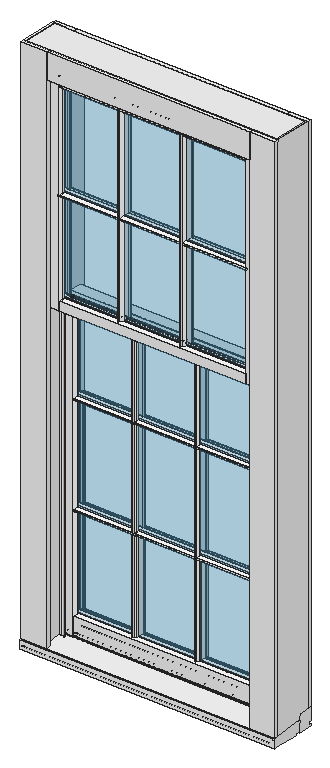
Revit family "B1-69", category Generic Models, Revit 2012 (continued)
Forms (mm)
  Extrusion 84, solid, material "White" <- "Floor Material"
    sketch origin (-86.465, 775.395, 707.96) x (-1, 0, 0) y (0, -1, 0)
      loop
        line (-196.365, 777.429) -> (-196.365, 778.733) -> (-201.693, 778.733) -> (-201.693, 777.429) -> (-200.433, 777.429) -> (-197.323, 777.429) -> (-196.365, 777.429)
    from 618 to 977.04
  Extrusion 85, solid, material "White" <- "Floor Material"
    sketch origin (-86.465, 775.395, 682.96) x (-1, 0, 0) y (0, -1, 0)
      loop
        line (-201.578, 772.766) -> (-195.897, 772.766)
        spline (-195.897, 772.766) -> (-196.288, 773.028) -> (-196.546, 773.345) -> (-196.701, 773.707) -> (-196.782, 774.104) -> (-196.817, 774.528) -> (-196.837, 774.968) -> (-196.871, 775.416) -> (-196.947, 775.861) -> (-197.095, 776.295) -> (-197.343, 776.707) -> (-197.722, 777.088) -> (-198.261, 777.429)
        line (-198.261, 777.429) -> (-199.495, 777.429)
        spline (-199.495, 777.429) -> (-200.004, 777.07) -> (-200.356, 776.68) -> (-200.579, 776.266) -> (-200.702, 775.836) -> (-200.755, 775.398) -> (-200.766, 774.96) -> (-200.765, 774.529) -> (-200.779, 774.114) -> (-200.839, 773.722) -> (-200.973, 773.362) -> (-201.21, 773.041) -> (-201.578, 772.766)
    from 643 to 1002.04
  Extrusion 86, solid, material "White" <- "Floor Material"
    sketch origin (-85.541, 770.224, 707.96) x (-1, 0, 0) y (0, -1, 0)
      loop
        line (-201.463, 771.474) -> (-199.969, 771.474) -> (-199.969, 772.26) -> (-200.769, 772.26) -> (-200.769, 773.563) -> (-195.441, 773.563) -> (-195.441, 772.26) -> (-196.241, 772.26) -> (-196.241, 771.474) -> (-194.463, 771.474) -> (-194.463, 774.474) -> (-196.777, 774.474) -> (-196.777, 778.474) -> (-199.213, 778.474) -> (-199.213, 774.474) -> (-201.463, 774.474) -> (-201.463, 771.474)
    from 618 to 1336.04
  Extrusion 87, solid, material "White" <- "Floor Material"
    sketch origin (-84.582, -643.152, 0) x (-1, 0, 0) y (0, -1, 0)
      loop
        line (-288.504, -795.902) -> (-206.504, -795.902) -> (-206.504, -780.902) -> (-288.504, -780.902) -> (-288.504, -795.902)
    from 68 to 2144
  Extrusion 88, solid, material "White" <- "Floor Material"
    sketch origin (-84.582, -643.152, 0) x (-1, 0, 0) y (0, -1, 0)
      loop
        line (-288.504, -621.902) -> (-288.504, -636.902) -> (-188.504, -636.902) -> (-188.504, -621.902) -> (-288.504, -621.902)
    from 33 to 2144
  Extrusion 89, solid, material "White" <- "Floor Material"
    sketch origin (-174.603, 18.977, 0) x (0, 1, 0) y (0, 0, 1)
      loop
        line (118.773, 68) -> (118.773, 2144) -> (-25.227, 2144) -> (-25.227, 35.138) -> (79.523, 48) -> (79.523, 52.913)
        arc (79.523, 52.913) -> (82.523, 55.913) -> (79.523, 58.913) r 3
        line (79.523, 58.913) -> (79.523, 63.825) -> (113.523, 68) -> (118.773, 68)
    from 372.603 to 378.603
  Extrusion 90, solid, material "White" <- "Floor Material"
    sketch origin (-84.583, -643.152, 0) x (-1, 0, 0) y (0, -1, 0)
      loop
        line (-232.504, -775.902) -> (-223.504, -775.902) -> (-223.504, -780.902) -> (-215.504, -780.902) -> (-215.504, -775.902) -> (-206.504, -775.902) -> (-206.504, -641.902) -> (-215.504, -641.902) -> (-215.504, -636.902) -> (-223.504, -636.902) -> (-223.504, -641.902) -> (-232.504, -641.902) -> (-232.504, -775.902)
    from 0 to 2016.937
  Extrusion 91, solid, material "White" <- "Floor Material"
    sketch origin (-84.582, -571.902, -672) x (-1, 0, 0) y (0, -1, 0)
      loop
        line (-162.504, -700.402) -> (-157.504, -700.402) -> (-157.504, -697.402)
        arc (-157.504, -697.402) -> (-151.847, -695.059) -> (-149.504, -689.402) r 8
        line (-149.504, -689.402) -> (-146.504, -689.402) -> (-146.504, -685.402) -> (-150.504, -684.402) -> (-150.504, -681.402) -> (-162.504, -681.402) -> (-162.504, -700.402)
    from 705 to 1545.52
  Extrusion 92, solid, material "White" <- "Floor Material"
    sketch origin (-84.582, -571.902, 455.96) x (-1, 0, 0) y (0, -1, 0)
      loop
        line (-162.504, -643.402) -> (-199.504, -643.402)
        arc (-199.504, -643.402) -> (-201.625, -644.281) -> (-202.504, -646.402) r 3
        line (-202.504, -646.402) -> (-202.504, -651.402) -> (-196.504, -651.402) -> (-196.504, -654.402) -> (-202.504, -654.402) -> (-202.504, -667.402) -> (-196.504, -667.402) -> (-196.504, -679.402) -> (-202.504, -679.402) -> (-202.504, -700.402)
        arc (-202.504, -700.402) -> (-201.625, -702.524) -> (-199.504, -703.402) r 3
        line (-199.504, -703.402) -> (-162.504, -703.402) -> (-162.504, -643.402)
    from 791.56 to 1603.04
  Extrusion 93, solid, material "White" <- "Floor Material"
    sketch origin (-1191.481, -714.403, 1867.434) x (0, 0, -1) y (0, 1, 0)
      loop
        arc (-199.504, 774.402) -> (-201.625, 773.524) -> (-202.504, 771.402) r 3
        line (-202.504, 771.402) -> (-202.504, 766.402) -> (-196.504, 766.402) -> (-196.504, 763.402) -> (-202.504, 763.402) -> (-202.504, 750.402) -> (-196.504, 750.402) -> (-196.504, 738.402) -> (-202.504, 738.402) -> (-202.504, 717.402)
        arc (-202.504, 717.402) -> (-201.625, 715.281) -> (-199.504, 714.402) r 3
        line (-199.504, 714.402) -> (-156.504, 714.402) -> (-146.504, 724.402) -> (-146.504, 726.402) -> (-162.504, 726.402) -> (-162.504, 774.402) -> (-199.504, 774.402)
    from 523.56 to 1263.403
  Extrusion 94, solid, material "White" <- "Floor Material", detail levels fine
    sketch origin (418.078, -53.158, 1637.345) x (0, 0, 1) y (0, 1, 0)
      loop
        line (-8.825, 91.096) -> (11.175, 91.096) -> (11.175, 99.096) -> (9.175, 99.096) -> (9.175, 101.596)
        arc (9.175, 101.596) -> (7.469, 106.111) -> (3.675, 109.096) r 9
        line (3.675, 109.096) -> (3.675, 111.096) -> (-1.325, 111.096) -> (-1.325, 109.096)
        arc (-1.325, 109.096) -> (-5.325, 105.779) -> (-6.825, 100.804) r 9
        line (-6.825, 100.804) -> (-6.825, 99.096) -> (-8.825, 99.096) -> (-8.825, 91.096)
      loop
        line (11.175, 62.296) -> (11.175, 65.096) -> (-8.825, 65.096) -> (-8.825, 62.296) -> (-1.325, 54.142) -> (-1.325, 52.142) -> (3.675, 52.142) -> (3.675, 54.142) -> (11.175, 62.296)
    from 345.078 to 1087.078
  Extrusion 95, solid, material "White" <- "Floor Material"
    sketch origin (418.078, 0.938, 2036.614) x (0, 0, 1) y (0, 1, 0)
      loop
        line (-408.094, 34) -> (-408.094, 18) -> (-388.094, 18) -> (-388.094, 34) -> (-408.094, 34)
    from 345.078 to 1087.078
  Extrusion 96, solid, material "White" <- "Floor Material", detail levels fine
    sketch origin (418.078, 16.904, 885.865) x (0, 0, 1) y (0, 1, 0)
      loop
        line (-8.825, 91.096) -> (11.175, 91.096) -> (11.175, 99.096) -> (9.175, 99.096) -> (9.175, 101.596)
        arc (9.175, 101.596) -> (7.469, 106.111) -> (3.675, 109.096) r 9
        line (3.675, 109.096) -> (3.675, 111.096) -> (-1.325, 111.096) -> (-1.325, 109.096)
        arc (-1.325, 109.096) -> (-5.325, 105.779) -> (-6.825, 100.804) r 9
        line (-6.825, 100.804) -> (-6.825, 99.096) -> (-8.825, 99.096) -> (-8.825, 91.096)
      loop
        line (11.175, 62.296) -> (11.175, 65.096) -> (-8.825, 65.096) -> (-8.825, 62.296) -> (-1.325, 54.142) -> (-1.325, 52.142) -> (3.675, 52.142) -> (3.675, 54.142) -> (11.175, 62.296)
    from 345.078 to 1087.078
  Extrusion 97, solid, material "White" <- "Floor Material"
    sketch origin (418.078, 71, 1285.134) x (0, 0, 1) y (0, 1, 0)
      loop
        line (-408.094, 34) -> (-408.094, 18) -> (-388.094, 18) -> (-388.094, 34) -> (-408.094, 34)
    from 345.078 to 1087.078
Dimensions and locks
  plane 4 to level = 2144 mm
  plane 8 to plane 5 = 131 mm  (x3)
  plane 9 to plane 7 = 159 mm
  locked: plane 10 to plane 11 at 44
  locked: plane 4 to plane 12 at 100
  locked: plane 13 to plane 12 at 14
  plane 14 to level = 33 mm
  locked: Extrusion 57 to Extrusion 57 at 6
  Extrusion 4 to Extrusion 4 = 4 mm
  locked: plane 4 to plane 15 at 82
  plane 16 to level = 68 mm
  Extrusion 56 to Extrusion 23 = 2144 mm
  plane 29 to level = 2144 mm
  plane 33 to level = 484 mm
  plane 17 to plane 5 = 1004 mm
  plane 18 to plane 5 = 368.5 mm
  Extrusion 56 to plane 19 = 615 mm
  plane 17 to plane 3 "Center (Left/Right)" = 100 mm
  locked: Extrusion 89 to Extrusion 89 at 6
  plane 35 to level = 1628.52 mm
  plane 39 to level = 877.04 mm
  aligned and locked: level to plane 2
  aligned and locked: Extrusion 5 to Extrusion 6
  aligned and locked: Extrusion 33 to Extrusion 32
  aligned and locked: Extrusion 15 to plane 8
  aligned and locked: Extrusion 13 to plane 8
  aligned and locked: Extrusion 20 to plane 8
  aligned and locked: Extrusion 17 to plane 8
  aligned and locked: Extrusion 16 to plane 8
  aligned and locked: Extrusion 18 to plane 8
  aligned and locked: Extrusion 21 to plane 8
  aligned and locked: Extrusion 8 to plane 8
  aligned and locked: Extrusion 10 to plane 8
  aligned and locked: Extrusion 3 to plane 8
  aligned and locked: Extrusion 9 to plane 8
  aligned and locked: Extrusion 5 to plane 8
  aligned and locked: Extrusion 7 to plane 8
  aligned and locked: Extrusion 6 to plane 8
  aligned and locked: Extrusion 9 to Extrusion 15
  aligned and locked: Extrusion 8 to Extrusion 15
  aligned and locked: Extrusion 28 to plane 8
  aligned and locked: Extrusion 26 to plane 8
  aligned and locked: Extrusion 30 to plane 8
  aligned and locked: Extrusion 33 to plane 8
  aligned and locked: Extrusion 32 to plane 8
  aligned and locked: Extrusion 34 to plane 8
  aligned and locked: Extrusion 35 to plane 8
  aligned and locked: Extrusion 31 to plane 8
  aligned and locked: Extrusion 27 to plane 8
  aligned and locked: Extrusion 4 to plane 8
  aligned and locked: plane 10 to Extrusion 2
  aligned and locked: plane 11 to Extrusion 1
  aligned and locked: Extrusion 42 to plane 11
  aligned and locked: plane 13 to Extrusion 42
  aligned and locked: plane 13 to Extrusion 43
  aligned and locked: plane 13 to Extrusion 53
  aligned and locked: plane 13 to Extrusion 52
  aligned and locked: plane 13 to Extrusion 51
  aligned and locked: plane 13 to Extrusion 45
  aligned and locked: Extrusion 14 to Extrusion 54
  aligned and locked: Extrusion 24 to plane 17
Types (3, lengths in mm): name | Width | Height | GlazingPanelMaterial | Floor Material
  Window Sill drawing | 1600 | 1250 | Glass | White
  Access Manager | 1250 | 1250 | none | none
  window family | 1004 | 2144 | Glass | 1.12A ANCHOR FIXING
